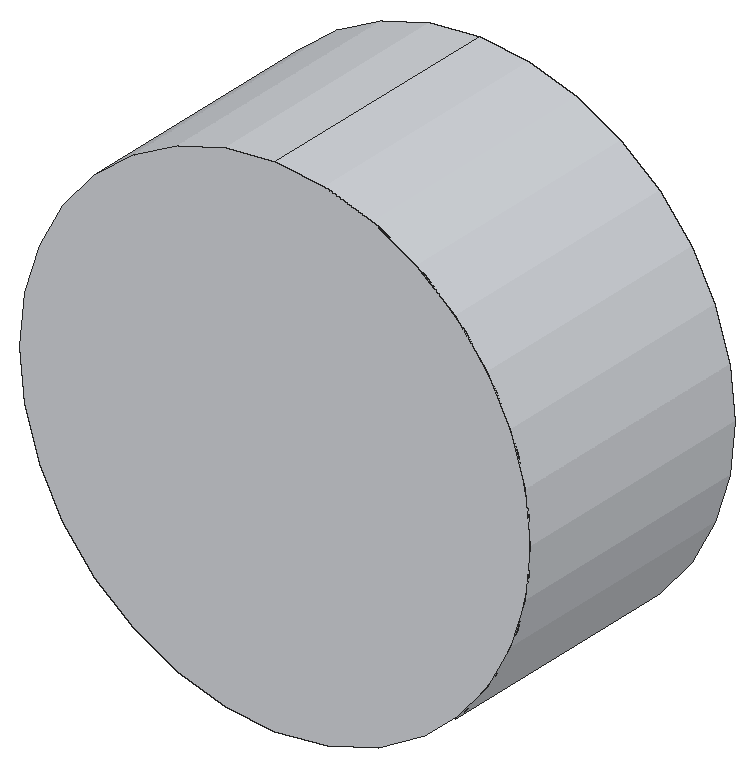
Revit family "UF-060-301_CE20ZC54", category Equipement spécialisé, Revit 2021
Family settings
  Cote de connecteur circulaire = Utiliser le diamètre
  Type d'élément = Normal
  Numéro OmniClass = 23.85.50.31.11
  Titre OmniClass = Door Entry Telephones
  Basée sur le plan de construction = Non
  Toujours verticalement = Oui
  Couper avec des vides une fois chargée = Non
  Partagée = Non
  Point de calcul de pièce = Non
Parameters (values of type "CLAVIER CODE")
  URL = "https://www.urmet.fr/clavier+22+codes+zamac+champagne+ce20zc54-6379"
  Modèle = "CE20ZC54"
  Fabricant = "URMET"
  Elévation par défaut = 0 mm
  Description = "Clavier 22 codes ZAMAC Champagne"
Reference planes
  plane 1 "Centre (avant/arrière)": y = 0
  plane 2: z = 0
  plane 3 "Centre (gauche/droite)": x = 0
Forms (mm)
  Extrusion 1, solid
    sketch origin (0, 0, 0) x (0, 0, 1) y (1, 0, 0)
      loop
        circle (0, 0) r 3.048
    from 0 to -3.048
Dimensions and locks
  aligned and locked: level to plane 2
Connectors
  electrical at (0, 0, 0)
    settings: on Extrusion 1, index 1, voltage 0 V, apparent load 0 VA, apparent load phase1 0 VA, apparent load phase2 0 VA, apparent load phase3 0 VA, power factor 1, load classification "Autre", number of poles 1, system type 12, power factor state 1, is connector primary yes, connector utility no, sub classification motor no, connector description ""
